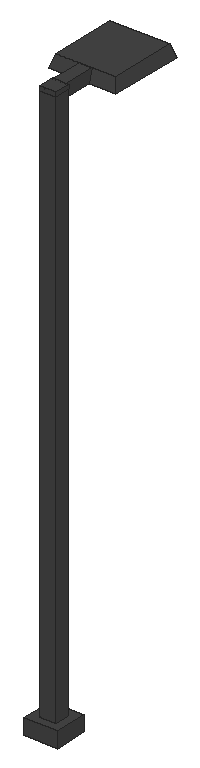
Revit family "RAR2", category Lighting Fixtures, Revit 2021
Family settings
  Round Connector Dimension = Use Diameter
  Part Type = Normal
  OmniClass Number = 23.80.70.14.21
  OmniClass Title = Street and Roadway Lighting
  Work Plane-Based = No
  Always vertical = Yes
  Cut with Voids When Loaded = No
  Light Source = Yes
  Shared = No
  Room Calculation Point = No
Parameters (values of type "RAR2")
  Width = 14.00"
  Wattage Comments = "20W"
  Wattage = 110 W
  built-in parameter 1150110 = 1 (stored number, unit not read)
  Voltage = 0 V
  URL = "https://www.currentlighting.com/exo"
  Type Comments = "Lighting Fixture"  # constant formula
  built-in parameter 1114217 = 1 (stored number, unit not read)
  Tilt Angle = 90.00°  # constant formula
  built-in parameter 1150109 = 1 (stored number, unit not read)
  built-in parameter 1150134 = (empty or 0)
  built-in parameter 1150113 = 1 (stored number, unit not read)
  Series = "Ratio"  # constant formula
  Product Page URL = ""
  Product Documentation Link = ""
  Power Factor = 1
  Pole Width = 4.00"
  Pole Height [instance] = 150.00"
  Pole = yes
  Photometric Web File = "RAR2-320L-110-3K7-2.ies"
  Photometric Notes = "More IES files download on Photometric Web Link"  # constant formula
  Offset From Pole = 6.12"
  Number of Poles = 1
  Model = "RAR2"
  Manufacturer = "EXO"  # constant formula
  Lumens = 16830 lm
  built-in parameter 1150115 = 1 (stored number, unit not read)
  built-in parameter 1150105 = 1339.3 (stored number, unit not read)
  Light source [instance] = Pole Height - 3.50"  # 146.50"
  built-in parameter 1150137 = (empty or 0)
  built-in parameter 1150139 = (empty or 0)
  Lens = Glass-Temper Molded
  built-in parameter 1150112 = 1 (stored number, unit not read)
  built-in parameter 1150114 = 1 (stored number, unit not read)
  Lamp = "default"
  built-in parameter 1150132 = (empty or 0)
  built-in parameter 1150102 = (empty or 0)
  built-in parameter 1150138 = (empty or 0)
  built-in parameter 1150107 = 3000 (stored number, unit not read)
  built-in parameter 1150106 = 13.393 (stored number, unit not read)
  Fixture Height = 7.50"
  Finish = Powder Coat-Black
  Emit from Rectangle Width = 11.00"
  built-in parameter 1150128 = 10.00"
  Emit Shape Visible in Rendering = no
  built-in parameter 1150104 = 14.214 (stored number, unit not read)
  Dimming Lamp Color Temperature Shift = <None>
  Description = "With a new spin on a classic rectilinear form, Ratio brings the traditional shoebox aesthetic into the next generation of LED lighting. Ratio features a dense optical array which provides reduced pixilation and increased visual comfort without compromising performance. Designed for sustained, long-term performance with advanced thermal management, an elegantly simple heat sink, and industry leading surge protection."  # constant formula
  Depth = 24.00"
  Default Elevation = 0.00"
  Color Temperature = 0 K
  Color Filter = 16777215
  Certifications = "UL,CSA,Wet Listed, Damp Listed, ANSI 3G Vibration Rated"
  Center Width = 3.00"
  built-in parameter 1114218 = 1 (stored number, unit not read)
  Emit from Rectangle Length = 120.00"
  Assembly Code = "D5020200"
  Apparent Load = 20 VA
Values of the unnamed type that differ from the named types
  Dimming Lamp Color Temperature Shift = (empty or 0)
Reference planes (in)
  plane 1 "Light Source Axis (F/B)": y = 0
  plane 2: z = 0
  plane 3 "Light Source Axis (L/R)": x = 1.5
  plane 4 "Light Source Elevation": z = 146.5
  plane 5 "Back": y = -15.34
Dimensions and locks (in)
  "Light source": plane 4 "Light Source Elevation" to plane 2
  aligned and locked: plane 4 "Light Source Elevation" to imposter light
  aligned and locked: nested 1 to plane 3 "Light Source Axis (L/R)"
  aligned and locked: nested 1 to plane 5 "Back"
  aligned and locked: imposter light to plane 3 "Light Source Axis (L/R)"
Nested families (in)
  nested 1: "Lighting_Pole" at (1.5, -17.34, 0) x (-1, 0, 0) z (0, 0, 1), visible <- "Pole", type "Lighting_Pole"
  nested 2: "RAR" at (1.30243, -15.34, 146.81398) x (-1, 0, 0) z (0, 1, 0), type "RAR"
    with Lens none, Finish Powder Coat-Black
Connectors (in)
  electrical at (1.5, -15.34, 18), driven by "Power Factor", driven by "Apparent Load", driven by "Apparent Load", driven by "Voltage", driven by "Number of Poles"
    settings: on nested 1, index 1, voltage 0 V, apparent load 20 VA, apparent load phase1 20 VA, apparent load phase2 0 VA, apparent load phase3 0 VA, power factor 1, load classification "Lighting", number of poles 1, system type 30, power factor state 1, is connector primary yes, connector utility no, sub classification motor no, connector description "Lighting Connector"
Definition of nested family "Lighting_Pole"
  Parameters
    Width = 5.00"
    URL = "http://www.kimlighting.com/"
    Type Comments = "Non-Tapered Pole"
    Model = "Square Pole"  # constant formula
    Manufacturer = "KIM Lighting"  # constant formula
    Height = 240.00"
    Finish = none
    Default Elevation = 0.00"
    Base Cover = if(Width = 5.00", 12.625", 8.625")  # 12.625"
  Reference planes (in)
    plane 1 "Center (Front/Back)": y = 0
    plane 2: z = 0
    plane 3 "Center (Left/Right)": x = 0
    plane 4 "Front": y = -2.5
    plane 5 "Left": x = -2.5
    plane 6 "Right": x = 2.5
    plane 7 "Back": y = 2.5
    plane 8 "Top": z = 240
    plane 9: x = -6.3125
    plane 10: x = 6.3125
    plane 11: y = 6.3125
    plane 12: y = -6.3125
    plane 13: z = 18
  Forms (in)
    Extrusion 1, solid, material <- "Finish"
      sketch origin (0, 0, 0) x (1, 0, 0) y (0, 1, 0)
        loop
          line (-2.5, -2.5) -> (2.5, -2.5) -> (2.5, 2.5) -> (-2.5, 2.5) -> (-2.5, -2.5)
      from 0 to 240
    Extrusion 2, solid, material <- "Finish", detail levels medium+fine
      sketch origin (0, 0, 0) x (1, 0, 0) y (0, 1, 0)
        loop
          line (-6.3125, -6.3125) -> (6.3125, -6.3125) -> (6.3125, 6.3125) -> (-6.3125, 6.3125) -> (-6.3125, -6.3125)
        loop
          line (-2.5, -2.5) -> (2.5, -2.5) -> (2.5, 2.5) -> (-2.5, 2.5) -> (-2.5, -2.5)
      from 0 to 4
    Extrusion 3, solid, material <- "Finish", detail levels fine
      sketch origin (0, 0, 0) x (1, 0, 0) y (0, 0, 1)
        loop
          line (-1.5, 15) -> (1.5, 15) -> (1.5, 21) -> (-1.5, 21) -> (-1.5, 15)
      from 2.5 to 2.5625
    Extrusion 4, solid, material <- "Finish", detail levels fine
      sketch origin (0, 0, 240) x (-1, 0, 0) y (0, -1, 0)
        loop
          line (2.5625, 2.5625) -> (-2.5625, 2.5625) -> (-2.5625, -2.5625) -> (2.5625, -2.5625) -> (2.5625, 2.5625)
      from 0.10394 to -0.89606
  Lines and regions (in)
    Masking region 1
      outline origin (0, 0, 0) x (1, 0, 0) y (0, 0, 1)
        loop
          line (-2.5, 0) -> (2.5, 0) -> (2.5, 240) -> (-2.5, 240) -> (-2.5, 0)
    Masking region 2, detail levels medium+fine
      outline origin (0, 0, 0) x (1, 0, 0) y (0, 0, 1)
        loop
          line (-6.3125, 0) -> (6.3125, 0) -> (6.3125, 4) -> (-6.3125, 4) -> (-6.3125, 0)
    Masking region 3, detail levels fine
      outline origin (0, 0, 0) x (1, 0, 0) y (0, 0, 1)
        loop
          line (-2.5625, 239.10394) -> (2.5625, 239.10394) -> (2.5625, 240.10394) -> (-2.5625, 240.10394) -> (-2.5625, 239.10394)
    Masking region 4
      outline origin (0, 0, 0) x (0, 1, 0) y (0, 0, 1)
        loop
          line (2.5, 0) -> (2.5, 240) -> (-2.5, 240) -> (-2.5, 0) -> (2.5, 0)
    Masking region 5, detail levels medium+fine
      outline origin (0, 0, 0) x (0, 1, 0) y (0, 0, 1)
        loop
          line (6.3125, 0) -> (6.3125, 4) -> (-6.3125, 4) -> (-6.3125, 0) -> (6.3125, 0)
    Masking region 6, detail levels fine
      outline origin (0, 0, 0) x (0, 1, 0) y (0, 0, 1)
        loop
          line (2.5625, 239.10394) -> (2.5625, 240.10394) -> (-2.5625, 240.10394) -> (-2.5625, 239.10394) -> (2.5625, 239.10394)
    Masking region 7, detail levels medium+fine
      outline origin (0, 0, 0) x (1, 0, 0) y (0, 1, 0)
        loop
          line (-6.3125, -6.3125) -> (6.3125, -6.3125) -> (6.3125, 6.3125) -> (-6.3125, 6.3125) -> (-6.3125, -6.3125)
        loop
          line (-2.5, -2.5) -> (2.5, -2.5) -> (2.5, 2.5) -> (-2.5, 2.5) -> (-2.5, -2.5)
    Masking region 8
      outline origin (0, 0, 0) x (1, 0, 0) y (0, 1, 0)
        loop
          line (-2.5, -2.5) -> (2.5, -2.5) -> (2.5, 2.5) -> (-2.5, 2.5) -> (-2.5, -2.5)
    symbolic lines, detail levels fine
      curve 1: line (-1.5, 0, 15) -> (1.5, 0, 15)
      curve 2: line (-1.5, 0, 21) -> (-1.5, 0, 15)
      curve 3: line (1.5, 0, 21) -> (-1.5, 0, 21)
      curve 4: line (1.5, 0, 15) -> (1.5, 0, 21)
  Dimensions and locks (in)
    equal spacing: plane 7 "Back", plane 1 "Center (Front/Back)", plane 4 "Front"
    equal spacing: plane 5 "Left", plane 3 "Center (Left/Right)", plane 6 "Right"
    "Width": plane 7 "Back" to plane 4 "Front"
    "Width": plane 5 "Left" to plane 6 "Right"
    plane 3 "Center (Left/Right)" to Extrusion 1 = 2.50"
    "Height": plane 8 "Top" to level
    equal spacing: plane 11, plane 1 "Center (Front/Back)", plane 12
    "Base Cover": plane 11 to plane 12
    equal spacing: plane 9, plane 3 "Center (Left/Right)", plane 10
    "Base Cover": plane 9 to plane 10
    locked: Extrusion 2 to level at 4
    locked: plane 13 to level at 18
    Extrusion 3 sketch curve to plane 13 to Extrusion 3 sketch curve = 3.00" locked, 3.00" locked
    Extrusion 3 sketch curve to plane 3 "Center (Left/Right)" to Extrusion 3 sketch curve = 1.50" locked, 1.50" locked
    locked: plane 4 "Front" to Extrusion 3 at 0.0625
    Extrusion 4 to plane 8 "Top" to Extrusion 4 = 0.10394" locked, 0.89606" locked
    aligned and locked: plane 5 "Left" to Extrusion 1 sketch curve
    aligned and locked: Extrusion 1 sketch curve to plane 4 "Front"
    aligned and locked: plane 7 "Back" to Extrusion 1 sketch curve
    aligned and locked: Extrusion 1 sketch curve to plane 6 "Right"
    aligned and locked: plane 8 "Top" to Extrusion 1
    aligned and locked: plane 9 to Extrusion 2 sketch curve
    aligned and locked: Extrusion 2 sketch curve to plane 12
    aligned and locked: plane 11 to Extrusion 2 sketch curve
    aligned and locked: Extrusion 2 sketch curve to plane 10
    aligned and locked: Extrusion 1 to Extrusion 2 sketch curve
    aligned and locked: Extrusion 2 sketch curve to Extrusion 1  (x3)
    aligned and locked: plane 4 "Front" to Extrusion 3
    aligned: plane 8 "Top" to Extrusion 4
    aligned and locked: Masking region 1 sketch curve to Extrusion 1  (x2)
    aligned and locked: plane 8 "Top" to Masking region 1 sketch curve
    aligned and locked: Masking region 1 sketch curve to plane 6 "Right"
    aligned and locked: Masking region 2 sketch curve to Extrusion 2  (x2)
    aligned and locked: Extrusion 2 to Masking region 2 sketch curve
    aligned and locked: Masking region 2 sketch curve to plane 10
    aligned and locked: Extrusion 3 to curve 1
    aligned and locked: curve 1 to Extrusion 3
    aligned and locked: curve 4 to Extrusion 3  (x2)
    aligned and locked: Masking region 3 sketch curve to Extrusion 4  (x3)
    aligned and locked: Extrusion 4 to Masking region 3 sketch curve
    aligned and locked: Masking region 4 sketch curve to Extrusion 1  (x3)
    aligned and locked: Extrusion 1 to Masking region 4 sketch curve
    aligned and locked: Masking region 5 sketch curve to Extrusion 2  (x3)
    aligned and locked: Extrusion 2 to Masking region 5 sketch curve
    aligned and locked: Masking region 6 sketch curve to Extrusion 4  (x3)
    aligned and locked: Extrusion 4 to Masking region 6 sketch curve
    aligned and locked: Extrusion 2 to Masking region 7 sketch curve
    aligned and locked: Masking region 7 sketch curve to Extrusion 2  (x3)
    aligned and locked: Extrusion 1 to Masking region 8 sketch curve
    aligned and locked: Masking region 8 sketch curve to Extrusion 1  (x3)
    aligned and locked: Extrusion 1 to Masking region 7 sketch curve
    aligned and locked: Masking region 7 sketch curve to Extrusion 1  (x3)
  Automatic sketch dimensions
    Extrusion 4 sketch curve to plane 6 "Right" = 0.0625"
    plane 5 "Left" to Extrusion 4 sketch curve = 0.0625"
    plane 7 "Back" to Extrusion 4 sketch curve = 0.0625"
    Extrusion 4 sketch curve to plane 4 "Front" = 0.0625"
Definition of nested family "RAR"
  Parameters
    URL = ""
    Product Page URL = ""
    Product Documentation Link = ""
    Manufacturer Phone = ""
    Manufacturer Fax = ""
    Manufacturer = ""
    Lens Finish = none
    Lens [instance] = none
    Length = 30.25"
    Finish [instance] = none
    Default Elevation = 48.00"
    C = 17.39"
  Reference planes (in)
    plane 1 "Center (Front/Back)": y = 0
    plane 2: z = 0
    plane 3 "Center (Left/Right)": x = 0
    plane 4: z = 27
    plane 5: z = 7.5
    plane 6: y = -3.375
    plane 7: x = -8.695
    plane 8: x = 8.695
    plane 9: y = 3
  Forms (in)
    Extrusion 1, solid, material <- "Finish"
      sketch origin (0, 0, 0) x (0, 1, 0) y (0, 0, 1)
        loop
          line (0, 7.5) -> (0, 0) -> (3.25, 0) -> (3.25, 8.5) -> (0, 7.5)
      from -1.5889 to 1.5889
    Blend 2, solid, material <- "Finish"
      base sketch origin (0, 0, 0) x (1, 0, 0) y (0, 0, 1)
        loop
          line (-8.695, 27) -> (-8.695, 7.5) -> (8.695, 7.5) -> (8.695, 27) -> (-8.695, 27)
      top sketch origin (0, 0, 0) x (1, 0, 0) y (0, 0, 1)
        loop
          line (-7.695, 26) -> (-7.695, 8.5) -> (7.695, 8.5) -> (7.695, 26) -> (-7.695, 26)
      from 0 to -3.25
    Extrusion 3, void
      sketch origin (0, 0, 0) x (1, 0, 0) y (0, 0, 1)
        loop
          line (-7.695, 26) -> (-7.695, 15.2215) -> (7.695, 15.2215) -> (7.695, 26) -> (-7.695, 26)
      from 0 to -1
    Extrusion 4, solid, material <- "Lens"
      sketch origin (0.375, 0, 0) x (1, 0, 0) y (0, 0, 1)
        loop
          line (-7.695, 26) -> (-7.695, 20.73575) -> (6.75, 20.73575) -> (6.75, 26) -> (-7.695, 26)
        loop
          line (-7.43915, 25.73809) -> (-7.43915, 25.48809) -> (-7.18915, 25.48809) -> (-7.18915, 25.73809) -> (-7.43915, 25.73809)
        loop
          line (-6.93915, 25.73809) -> (-6.93915, 25.48809) -> (-6.68915, 25.48809) -> (-6.68915, 25.73809) -> (-6.93915, 25.73809)
        loop
          line (-6.43915, 25.73809) -> (-6.43915, 25.48809) -> (-6.18915, 25.48809) -> (-6.18915, 25.73809) -> (-6.43915, 25.73809)
        loop
          line (-6.03259, 25.73809) -> (-6.03259, 25.48809) -> (-5.78259, 25.48809) -> (-5.78259, 25.73809) -> (-6.03259, 25.73809)
        loop
          line (-5.53259, 25.73809) -> (-5.53259, 25.48809) -> (-5.28259, 25.48809) -> (-5.28259, 25.73809) -> (-5.53259, 25.73809)
        loop
          line (-5.03259, 25.73809) -> (-5.03259, 25.48809) -> (-4.78259, 25.48809) -> (-4.78259, 25.73809) -> (-5.03259, 25.73809)
        loop
          line (-4.62603, 25.73809) -> (-4.62603, 25.48809) -> (-4.37603, 25.48809) -> (-4.37603, 25.73809) -> (-4.62603, 25.73809)
        loop
          line (-4.12603, 25.73809) -> (-4.12603, 25.48809) -> (-3.87603, 25.48809) -> (-3.87603, 25.73809) -> (-4.12603, 25.73809)
        loop
          line (-3.62603, 25.73809) -> (-3.62603, 25.48809) -> (-3.37603, 25.48809) -> (-3.37603, 25.73809) -> (-3.62603, 25.73809)
        loop
          line (-7.43915, 25.22618) -> (-7.43915, 24.97618) -> (-7.18915, 24.97618) -> (-7.18915, 25.22618) -> (-7.43915, 25.22618)
        loop
          line (-6.93915, 25.22618) -> (-6.93915, 24.97618) -> (-6.68915, 24.97618) -> (-6.68915, 25.22618) -> (-6.93915, 25.22618)
        loop
          line (-6.43915, 25.22618) -> (-6.43915, 24.97618) -> (-6.18915, 24.97618) -> (-6.18915, 25.22618) -> (-6.43915, 25.22618)
        loop
          line (-6.03259, 25.22618) -> (-6.03259, 24.97618) -> (-5.78259, 24.97618) -> (-5.78259, 25.22618) -> (-6.03259, 25.22618)
        loop
          line (-5.53259, 25.22618) -> (-5.53259, 24.97618) -> (-5.28259, 24.97618) -> (-5.28259, 25.22618) -> (-5.53259, 25.22618)
        loop
          line (-5.03259, 25.22618) -> (-5.03259, 24.97618) -> (-4.78259, 24.97618) -> (-4.78259, 25.22618) -> (-5.03259, 25.22618)
        loop
          line (-4.62603, 25.22618) -> (-4.62603, 24.97618) -> (-4.37603, 24.97618) -> (-4.37603, 25.22618) -> (-4.62603, 25.22618)
        loop
          line (-4.12603, 25.22618) -> (-4.12603, 24.97618) -> (-3.87603, 24.97618) -> (-3.87603, 25.22618) -> (-4.12603, 25.22618)
        loop
          line (-3.62603, 25.22618) -> (-3.62603, 24.97618) -> (-3.37603, 24.97618) -> (-3.37603, 25.22618) -> (-3.62603, 25.22618)
        loop
          line (-7.43915, 24.71427) -> (-7.43915, 24.46427) -> (-7.18915, 24.46427) -> (-7.18915, 24.71427) -> (-7.43915, 24.71427)
        loop
          line (-6.93915, 24.71427) -> (-6.93915, 24.46427) -> (-6.68915, 24.46427) -> (-6.68915, 24.71427) -> (-6.93915, 24.71427)
        loop
          line (-6.43915, 24.71427) -> (-6.43915, 24.46427) -> (-6.18915, 24.46427) -> (-6.18915, 24.71427) -> (-6.43915, 24.71427)
        loop
          line (-6.03259, 24.71427) -> (-6.03259, 24.46427) -> (-5.78259, 24.46427) -> (-5.78259, 24.71427) -> (-6.03259, 24.71427)
        loop
          line (-5.53259, 24.71427) -> (-5.53259, 24.46427) -> (-5.28259, 24.46427) -> (-5.28259, 24.71427) -> (-5.53259, 24.71427)
        loop
          line (-5.03259, 24.71427) -> (-5.03259, 24.46427) -> (-4.78259, 24.46427) -> (-4.78259, 24.71427) -> (-5.03259, 24.71427)
        loop
          line (-4.62603, 24.71427) -> (-4.62603, 24.46427) -> (-4.37603, 24.46427) -> (-4.37603, 24.71427) -> (-4.62603, 24.71427)
        loop
          line (-4.12603, 24.71427) -> (-4.12603, 24.46427) -> (-3.87603, 24.46427) -> (-3.87603, 24.71427) -> (-4.12603, 24.71427)
        loop
          line (-3.62603, 24.71427) -> (-3.62603, 24.46427) -> (-3.37603, 24.46427) -> (-3.37603, 24.71427) -> (-3.62603, 24.71427)
        loop
          line (-7.43915, 24.20236) -> (-7.43915, 23.95236) -> (-7.18915, 23.95236) -> (-7.18915, 24.20236) -> (-7.43915, 24.20236)
        loop
          line (-6.93915, 24.20236) -> (-6.93915, 23.95236) -> (-6.68915, 23.95236) -> (-6.68915, 24.20236) -> (-6.93915, 24.20236)
        loop
          line (-6.43915, 24.20236) -> (-6.43915, 23.95236) -> (-6.18915, 23.95236) -> (-6.18915, 24.20236) -> (-6.43915, 24.20236)
        loop
          line (-6.03259, 24.20236) -> (-6.03259, 23.95236) -> (-5.78259, 23.95236) -> (-5.78259, 24.20236) -> (-6.03259, 24.20236)
        loop
          line (-5.53259, 24.20236) -> (-5.53259, 23.95236) -> (-5.28259, 23.95236) -> (-5.28259, 24.20236) -> (-5.53259, 24.20236)
        loop
          line (-5.03259, 24.20236) -> (-5.03259, 23.95236) -> (-4.78259, 23.95236) -> (-4.78259, 24.20236) -> (-5.03259, 24.20236)
        loop
          line (-4.62603, 24.20236) -> (-4.62603, 23.95236) -> (-4.37603, 23.95236) -> (-4.37603, 24.20236) -> (-4.62603, 24.20236)
        loop
          line (-4.12603, 24.20236) -> (-4.12603, 23.95236) -> (-3.87603, 23.95236) -> (-3.87603, 24.20236) -> (-4.12603, 24.20236)
        loop
          line (-3.62603, 24.20236) -> (-3.62603, 23.95236) -> (-3.37603, 23.95236) -> (-3.37603, 24.20236) -> (-3.62603, 24.20236)
        loop
          line (-7.43915, 23.69045) -> (-7.43915, 23.44045) -> (-7.18915, 23.44045) -> (-7.18915, 23.69045) -> (-7.43915, 23.69045)
        loop
          line (-6.93915, 23.69045) -> (-6.93915, 23.44045) -> (-6.68915, 23.44045) -> (-6.68915, 23.69045) -> (-6.93915, 23.69045)
        loop
          line (-6.43915, 23.69045) -> (-6.43915, 23.44045) -> (-6.18915, 23.44045) -> (-6.18915, 23.69045) -> (-6.43915, 23.69045)
        loop
          line (-6.03259, 23.69045) -> (-6.03259, 23.44045) -> (-5.78259, 23.44045) -> (-5.78259, 23.69045) -> (-6.03259, 23.69045)
        loop
          line (-5.53259, 23.69045) -> (-5.53259, 23.44045) -> (-5.28259, 23.44045) -> (-5.28259, 23.69045) -> (-5.53259, 23.69045)
        loop
          line (-5.03259, 23.69045) -> (-5.03259, 23.44045) -> (-4.78259, 23.44045) -> (-4.78259, 23.69045) -> (-5.03259, 23.69045)
        loop
          line (-4.62603, 23.69045) -> (-4.62603, 23.44045) -> (-4.37603, 23.44045) -> (-4.37603, 23.69045) -> (-4.62603, 23.69045)
        loop
          line (-4.12603, 23.69045) -> (-4.12603, 23.44045) -> (-3.87603, 23.44045) -> (-3.87603, 23.69045) -> (-4.12603, 23.69045)
        loop
          line (-3.62603, 23.69045) -> (-3.62603, 23.44045) -> (-3.37603, 23.44045) -> (-3.37603, 23.69045) -> (-3.62603, 23.69045)
        loop
          line (-7.43915, 23.17854) -> (-7.43915, 22.92854) -> (-7.18915, 22.92854) -> (-7.18915, 23.17854) -> (-7.43915, 23.17854)
        loop
          line (-6.93915, 23.17854) -> (-6.93915, 22.92854) -> (-6.68915, 22.92854) -> (-6.68915, 23.17854) -> (-6.93915, 23.17854)
        loop
          line (-6.43915, 23.17854) -> (-6.43915, 22.92854) -> (-6.18915, 22.92854) -> (-6.18915, 23.17854) -> (-6.43915, 23.17854)
        loop
          line (-6.03259, 23.17854) -> (-6.03259, 22.92854) -> (-5.78259, 22.92854) -> (-5.78259, 23.17854) -> (-6.03259, 23.17854)
        loop
          line (-5.53259, 23.17854) -> (-5.53259, 22.92854) -> (-5.28259, 22.92854) -> (-5.28259, 23.17854) -> (-5.53259, 23.17854)
        loop
          line (-5.03259, 23.17854) -> (-5.03259, 22.92854) -> (-4.78259, 22.92854) -> (-4.78259, 23.17854) -> (-5.03259, 23.17854)
        loop
          line (-4.62603, 23.17854) -> (-4.62603, 22.92854) -> (-4.37603, 22.92854) -> (-4.37603, 23.17854) -> (-4.62603, 23.17854)
        loop
          line (-4.12603, 23.17854) -> (-4.12603, 22.92854) -> (-3.87603, 22.92854) -> (-3.87603, 23.17854) -> (-4.12603, 23.17854)
        loop
          line (-3.62603, 23.17854) -> (-3.62603, 22.92854) -> (-3.37603, 22.92854) -> (-3.37603, 23.17854) -> (-3.62603, 23.17854)
        loop
          line (-7.43915, 22.66663) -> (-7.43915, 22.41663) -> (-7.18915, 22.41663) -> (-7.18915, 22.66663) -> (-7.43915, 22.66663)
        loop
          line (-6.93915, 22.66663) -> (-6.93915, 22.41663) -> (-6.68915, 22.41663) -> (-6.68915, 22.66663) -> (-6.93915, 22.66663)
        loop
          line (-6.43915, 22.66663) -> (-6.43915, 22.41663) -> (-6.18915, 22.41663) -> (-6.18915, 22.66663) -> (-6.43915, 22.66663)
        loop
          line (-6.03259, 22.66663) -> (-6.03259, 22.41663) -> (-5.78259, 22.41663) -> (-5.78259, 22.66663) -> (-6.03259, 22.66663)
        loop
          line (-5.53259, 22.66663) -> (-5.53259, 22.41663) -> (-5.28259, 22.41663) -> (-5.28259, 22.66663) -> (-5.53259, 22.66663)
        loop
          line (-5.03259, 22.66663) -> (-5.03259, 22.41663) -> (-4.78259, 22.41663) -> (-4.78259, 22.66663) -> (-5.03259, 22.66663)
        loop
          line (-4.62603, 22.66663) -> (-4.62603, 22.41663) -> (-4.37603, 22.41663) -> (-4.37603, 22.66663) -> (-4.62603, 22.66663)
        loop
          line (-4.12603, 22.66663) -> (-4.12603, 22.41663) -> (-3.87603, 22.41663) -> (-3.87603, 22.66663) -> (-4.12603, 22.66663)
        loop
          line (-3.62603, 22.66663) -> (-3.62603, 22.41663) -> (-3.37603, 22.41663) -> (-3.37603, 22.66663) -> (-3.62603, 22.66663)
        loop
          line (-7.43915, 22.15472) -> (-7.43915, 21.90472) -> (-7.18915, 21.90472) -> (-7.18915, 22.15472) -> (-7.43915, 22.15472)
        loop
          line (-6.93915, 22.15472) -> (-6.93915, 21.90472) -> (-6.68915, 21.90472) -> (-6.68915, 22.15472) -> (-6.93915, 22.15472)
        loop
          line (-6.43915, 22.15472) -> (-6.43915, 21.90472) -> (-6.18915, 21.90472) -> (-6.18915, 22.15472) -> (-6.43915, 22.15472)
        loop
          line (-6.03259, 22.15472) -> (-6.03259, 21.90472) -> (-5.78259, 21.90472) -> (-5.78259, 22.15472) -> (-6.03259, 22.15472)
        loop
          line (-5.53259, 22.15472) -> (-5.53259, 21.90472) -> (-5.28259, 21.90472) -> (-5.28259, 22.15472) -> (-5.53259, 22.15472)
        loop
          line (-5.03259, 22.15472) -> (-5.03259, 21.90472) -> (-4.78259, 21.90472) -> (-4.78259, 22.15472) -> (-5.03259, 22.15472)
        loop
          line (-4.62603, 22.15472) -> (-4.62603, 21.90472) -> (-4.37603, 21.90472) -> (-4.37603, 22.15472) -> (-4.62603, 22.15472)
        loop
          line (-4.12603, 22.15472) -> (-4.12603, 21.90472) -> (-3.87603, 21.90472) -> (-3.87603, 22.15472) -> (-4.12603, 22.15472)
        loop
          line (-3.62603, 22.15472) -> (-3.62603, 21.90472) -> (-3.37603, 21.90472) -> (-3.37603, 22.15472) -> (-3.62603, 22.15472)
        loop
          line (-7.43915, 21.64282) -> (-7.43915, 21.39282) -> (-7.18915, 21.39282) -> (-7.18915, 21.64282) -> (-7.43915, 21.64282)
        loop
          line (-6.93915, 21.64282) -> (-6.93915, 21.39282) -> (-6.68915, 21.39282) -> (-6.68915, 21.64282) -> (-6.93915, 21.64282)
        loop
          line (-6.43915, 21.64282) -> (-6.43915, 21.39282) -> (-6.18915, 21.39282) -> (-6.18915, 21.64282) -> (-6.43915, 21.64282)
        loop
          line (-6.03259, 21.64282) -> (-6.03259, 21.39282) -> (-5.78259, 21.39282) -> (-5.78259, 21.64282) -> (-6.03259, 21.64282)
        loop
          line (-5.53259, 21.64282) -> (-5.53259, 21.39282) -> (-5.28259, 21.39282) -> (-5.28259, 21.64282) -> (-5.53259, 21.64282)
        loop
          line (-5.03259, 21.64282) -> (-5.03259, 21.39282) -> (-4.78259, 21.39282) -> (-4.78259, 21.64282) -> (-5.03259, 21.64282)
        loop
          line (-4.62603, 21.64282) -> (-4.62603, 21.39282) -> (-4.37603, 21.39282) -> (-4.37603, 21.64282) -> (-4.62603, 21.64282)
        loop
          line (-4.12603, 21.64282) -> (-4.12603, 21.39282) -> (-3.87603, 21.39282) -> (-3.87603, 21.64282) -> (-4.12603, 21.64282)
        loop
          line (-3.62603, 21.64282) -> (-3.62603, 21.39282) -> (-3.37603, 21.39282) -> (-3.37603, 21.64282) -> (-3.62603, 21.64282)
        loop
          line (-7.43915, 21.13091) -> (-7.43915, 20.88091) -> (-7.18915, 20.88091) -> (-7.18915, 21.13091) -> (-7.43915, 21.13091)
        loop
          line (-6.93915, 21.13091) -> (-6.93915, 20.88091) -> (-6.68915, 20.88091) -> (-6.68915, 21.13091) -> (-6.93915, 21.13091)
        loop
          line (-6.43915, 21.13091) -> (-6.43915, 20.88091) -> (-6.18915, 20.88091) -> (-6.18915, 21.13091) -> (-6.43915, 21.13091)
        loop
          line (-6.03259, 21.13091) -> (-6.03259, 20.88091) -> (-5.78259, 20.88091) -> (-5.78259, 21.13091) -> (-6.03259, 21.13091)
        loop
          line (-5.53259, 21.13091) -> (-5.53259, 20.88091) -> (-5.28259, 20.88091) -> (-5.28259, 21.13091) -> (-5.53259, 21.13091)
        loop
          line (-5.03259, 21.13091) -> (-5.03259, 20.88091) -> (-4.78259, 20.88091) -> (-4.78259, 21.13091) -> (-5.03259, 21.13091)
        loop
          line (-4.62603, 21.13091) -> (-4.62603, 20.88091) -> (-4.37603, 20.88091) -> (-4.37603, 21.13091) -> (-4.62603, 21.13091)
        loop
          line (-4.12603, 21.13091) -> (-4.12603, 20.88091) -> (-3.87603, 20.88091) -> (-3.87603, 21.13091) -> (-4.12603, 21.13091)
        loop
          line (-3.62603, 21.13091) -> (-3.62603, 20.88091) -> (-3.37603, 20.88091) -> (-3.37603, 21.13091) -> (-3.62603, 21.13091)
        loop
          line (-2.61915, 25.73809) -> (-2.61915, 25.48809) -> (-2.36915, 25.48809) -> (-2.36915, 25.73809) -> (-2.61915, 25.73809)
        loop
          line (-2.11915, 25.73809) -> (-2.11915, 25.48809) -> (-1.86915, 25.48809) -> (-1.86915, 25.73809) -> (-2.11915, 25.73809)
        loop
          line (-1.61915, 25.73809) -> (-1.61915, 25.48809) -> (-1.36915, 25.48809) -> (-1.36915, 25.73809) -> (-1.61915, 25.73809)
        loop
          line (-1.21259, 25.73809) -> (-1.21259, 25.48809) -> (-0.96259, 25.48809) -> (-0.96259, 25.73809) -> (-1.21259, 25.73809)
        loop
          line (-0.71259, 25.73809) -> (-0.71259, 25.48809) -> (-0.46259, 25.48809) -> (-0.46259, 25.73809) -> (-0.71259, 25.73809)
        loop
          line (-0.21259, 25.73809) -> (-0.21259, 25.48809) -> (0.03741, 25.48809) -> (0.03741, 25.73809) -> (-0.21259, 25.73809)
        loop
          line (0.19397, 25.73809) -> (0.19397, 25.48809) -> (0.44397, 25.48809) -> (0.44397, 25.73809) -> (0.19397, 25.73809)
        loop
          line (0.69397, 25.73809) -> (0.69397, 25.48809) -> (0.94397, 25.48809) -> (0.94397, 25.73809) -> (0.69397, 25.73809)
        loop
          line (1.19397, 25.73809) -> (1.19397, 25.48809) -> (1.44397, 25.48809) -> (1.44397, 25.73809) -> (1.19397, 25.73809)
        loop
          line (-2.61915, 25.22618) -> (-2.61915, 24.97618) -> (-2.36915, 24.97618) -> (-2.36915, 25.22618) -> (-2.61915, 25.22618)
        loop
          line (-2.11915, 25.22618) -> (-2.11915, 24.97618) -> (-1.86915, 24.97618) -> (-1.86915, 25.22618) -> (-2.11915, 25.22618)
        loop
          line (-1.61915, 25.22618) -> (-1.61915, 24.97618) -> (-1.36915, 24.97618) -> (-1.36915, 25.22618) -> (-1.61915, 25.22618)
        loop
          line (-1.21259, 25.22618) -> (-1.21259, 24.97618) -> (-0.96259, 24.97618) -> (-0.96259, 25.22618) -> (-1.21259, 25.22618)
        loop
          line (-0.71259, 25.22618) -> (-0.71259, 24.97618) -> (-0.46259, 24.97618) -> (-0.46259, 25.22618) -> (-0.71259, 25.22618)
        loop
          line (-0.21259, 25.22618) -> (-0.21259, 24.97618) -> (0.03741, 24.97618) -> (0.03741, 25.22618) -> (-0.21259, 25.22618)
        loop
          line (0.19397, 25.22618) -> (0.19397, 24.97618) -> (0.44397, 24.97618) -> (0.44397, 25.22618) -> (0.19397, 25.22618)
        loop
          line (0.69397, 25.22618) -> (0.69397, 24.97618) -> (0.94397, 24.97618) -> (0.94397, 25.22618) -> (0.69397, 25.22618)
        loop
          line (1.19397, 25.22618) -> (1.19397, 24.97618) -> (1.44397, 24.97618) -> (1.44397, 25.22618) -> (1.19397, 25.22618)
        loop
          line (-2.61915, 24.71427) -> (-2.61915, 24.46427) -> (-2.36915, 24.46427) -> (-2.36915, 24.71427) -> (-2.61915, 24.71427)
        loop
          line (-2.11915, 24.71427) -> (-2.11915, 24.46427) -> (-1.86915, 24.46427) -> (-1.86915, 24.71427) -> (-2.11915, 24.71427)
        loop
          line (-1.61915, 24.71427) -> (-1.61915, 24.46427) -> (-1.36915, 24.46427) -> (-1.36915, 24.71427) -> (-1.61915, 24.71427)
        loop
          line (-1.21259, 24.71427) -> (-1.21259, 24.46427) -> (-0.96259, 24.46427) -> (-0.96259, 24.71427) -> (-1.21259, 24.71427)
        loop
          line (-0.71259, 24.71427) -> (-0.71259, 24.46427) -> (-0.46259, 24.46427) -> (-0.46259, 24.71427) -> (-0.71259, 24.71427)
        loop
          line (-0.21259, 24.71427) -> (-0.21259, 24.46427) -> (0.03741, 24.46427) -> (0.03741, 24.71427) -> (-0.21259, 24.71427)
        loop
          line (0.19397, 24.71427) -> (0.19397, 24.46427) -> (0.44397, 24.46427) -> (0.44397, 24.71427) -> (0.19397, 24.71427)
        loop
          line (0.69397, 24.71427) -> (0.69397, 24.46427) -> (0.94397, 24.46427) -> (0.94397, 24.71427) -> (0.69397, 24.71427)
        loop
          line (1.19397, 24.71427) -> (1.19397, 24.46427) -> (1.44397, 24.46427) -> (1.44397, 24.71427) -> (1.19397, 24.71427)
        loop
          line (-2.61915, 24.20236) -> (-2.61915, 23.95236) -> (-2.36915, 23.95236) -> (-2.36915, 24.20236) -> (-2.61915, 24.20236)
        loop
          line (-2.11915, 24.20236) -> (-2.11915, 23.95236) -> (-1.86915, 23.95236) -> (-1.86915, 24.20236) -> (-2.11915, 24.20236)
        loop
          line (-1.61915, 24.20236) -> (-1.61915, 23.95236) -> (-1.36915, 23.95236) -> (-1.36915, 24.20236) -> (-1.61915, 24.20236)
        loop
          line (-1.21259, 24.20236) -> (-1.21259, 23.95236) -> (-0.96259, 23.95236) -> (-0.96259, 24.20236) -> (-1.21259, 24.20236)
        loop
          line (-0.71259, 24.20236) -> (-0.71259, 23.95236) -> (-0.46259, 23.95236) -> (-0.46259, 24.20236) -> (-0.71259, 24.20236)
        loop
          line (-0.21259, 24.20236) -> (-0.21259, 23.95236) -> (0.03741, 23.95236) -> (0.03741, 24.20236) -> (-0.21259, 24.20236)
        loop
          line (0.19397, 24.20236) -> (0.19397, 23.95236) -> (0.44397, 23.95236) -> (0.44397, 24.20236) -> (0.19397, 24.20236)
        loop
          line (0.69397, 24.20236) -> (0.69397, 23.95236) -> (0.94397, 23.95236) -> (0.94397, 24.20236) -> (0.69397, 24.20236)
        loop
          line (1.19397, 24.20236) -> (1.19397, 23.95236) -> (1.44397, 23.95236) -> (1.44397, 24.20236) -> (1.19397, 24.20236)
        loop
          line (-2.61915, 23.69045) -> (-2.61915, 23.44045) -> (-2.36915, 23.44045) -> (-2.36915, 23.69045) -> (-2.61915, 23.69045)
        loop
          line (-2.11915, 23.69045) -> (-2.11915, 23.44045) -> (-1.86915, 23.44045) -> (-1.86915, 23.69045) -> (-2.11915, 23.69045)
        loop
          line (-1.61915, 23.69045) -> (-1.61915, 23.44045) -> (-1.36915, 23.44045) -> (-1.36915, 23.69045) -> (-1.61915, 23.69045)
        loop
          line (-1.21259, 23.69045) -> (-1.21259, 23.44045) -> (-0.96259, 23.44045) -> (-0.96259, 23.69045) -> (-1.21259, 23.69045)
        loop
          line (-0.71259, 23.69045) -> (-0.71259, 23.44045) -> (-0.46259, 23.44045) -> (-0.46259, 23.69045) -> (-0.71259, 23.69045)
        loop
          line (-0.21259, 23.69045) -> (-0.21259, 23.44045) -> (0.03741, 23.44045) -> (0.03741, 23.69045) -> (-0.21259, 23.69045)
        loop
          line (0.19397, 23.69045) -> (0.19397, 23.44045) -> (0.44397, 23.44045) -> (0.44397, 23.69045) -> (0.19397, 23.69045)
        loop
          line (0.69397, 23.69045) -> (0.69397, 23.44045) -> (0.94397, 23.44045) -> (0.94397, 23.69045) -> (0.69397, 23.69045)
        loop
          line (1.19397, 23.69045) -> (1.19397, 23.44045) -> (1.44397, 23.44045) -> (1.44397, 23.69045) -> (1.19397, 23.69045)
        loop
          line (-2.61915, 23.17854) -> (-2.61915, 22.92854) -> (-2.36915, 22.92854) -> (-2.36915, 23.17854) -> (-2.61915, 23.17854)
        loop
          line (-2.11915, 23.17854) -> (-2.11915, 22.92854) -> (-1.86915, 22.92854) -> (-1.86915, 23.17854) -> (-2.11915, 23.17854)
        loop
          line (-1.61915, 23.17854) -> (-1.61915, 22.92854) -> (-1.36915, 22.92854) -> (-1.36915, 23.17854) -> (-1.61915, 23.17854)
        loop
          line (-1.21259, 23.17854) -> (-1.21259, 22.92854) -> (-0.96259, 22.92854) -> (-0.96259, 23.17854) -> (-1.21259, 23.17854)
        loop
          line (-0.71259, 23.17854) -> (-0.71259, 22.92854) -> (-0.46259, 22.92854) -> (-0.46259, 23.17854) -> (-0.71259, 23.17854)
        loop
          line (-0.21259, 23.17854) -> (-0.21259, 22.92854) -> (0.03741, 22.92854) -> (0.03741, 23.17854) -> (-0.21259, 23.17854)
        loop
          line (0.19397, 23.17854) -> (0.19397, 22.92854) -> (0.44397, 22.92854) -> (0.44397, 23.17854) -> (0.19397, 23.17854)
        loop
          line (0.69397, 23.17854) -> (0.69397, 22.92854) -> (0.94397, 22.92854) -> (0.94397, 23.17854) -> (0.69397, 23.17854)
        loop
          line (1.19397, 23.17854) -> (1.19397, 22.92854) -> (1.44397, 22.92854) -> (1.44397, 23.17854) -> (1.19397, 23.17854)
        loop
          line (-2.61915, 22.66663) -> (-2.61915, 22.41663) -> (-2.36915, 22.41663) -> (-2.36915, 22.66663) -> (-2.61915, 22.66663)
        loop
          line (-2.11915, 22.66663) -> (-2.11915, 22.41663) -> (-1.86915, 22.41663) -> (-1.86915, 22.66663) -> (-2.11915, 22.66663)
        loop
          line (-1.61915, 22.66663) -> (-1.61915, 22.41663) -> (-1.36915, 22.41663) -> (-1.36915, 22.66663) -> (-1.61915, 22.66663)
        loop
          line (-1.21259, 22.66663) -> (-1.21259, 22.41663) -> (-0.96259, 22.41663) -> (-0.96259, 22.66663) -> (-1.21259, 22.66663)
        loop
          line (-0.71259, 22.66663) -> (-0.71259, 22.41663) -> (-0.46259, 22.41663) -> (-0.46259, 22.66663) -> (-0.71259, 22.66663)
        loop
          line (-0.21259, 22.66663) -> (-0.21259, 22.41663) -> (0.03741, 22.41663) -> (0.03741, 22.66663) -> (-0.21259, 22.66663)
        loop
          line (0.19397, 22.66663) -> (0.19397, 22.41663) -> (0.44397, 22.41663) -> (0.44397, 22.66663) -> (0.19397, 22.66663)
        loop
          line (0.69397, 22.66663) -> (0.69397, 22.41663) -> (0.94397, 22.41663) -> (0.94397, 22.66663) -> (0.69397, 22.66663)
        loop
          line (1.19397, 22.66663) -> (1.19397, 22.41663) -> (1.44397, 22.41663) -> (1.44397, 22.66663) -> (1.19397, 22.66663)
        loop
          line (-2.61915, 22.15472) -> (-2.61915, 21.90472) -> (-2.36915, 21.90472) -> (-2.36915, 22.15472) -> (-2.61915, 22.15472)
        loop
          line (-2.11915, 22.15472) -> (-2.11915, 21.90472) -> (-1.86915, 21.90472) -> (-1.86915, 22.15472) -> (-2.11915, 22.15472)
        loop
          line (-1.61915, 22.15472) -> (-1.61915, 21.90472) -> (-1.36915, 21.90472) -> (-1.36915, 22.15472) -> (-1.61915, 22.15472)
        loop
          line (-1.21259, 22.15472) -> (-1.21259, 21.90472) -> (-0.96259, 21.90472) -> (-0.96259, 22.15472) -> (-1.21259, 22.15472)
        loop
          line (-0.71259, 22.15472) -> (-0.71259, 21.90472) -> (-0.46259, 21.90472) -> (-0.46259, 22.15472) -> (-0.71259, 22.15472)
        loop
          line (-0.21259, 22.15472) -> (-0.21259, 21.90472) -> (0.03741, 21.90472) -> (0.03741, 22.15472) -> (-0.21259, 22.15472)
        loop
          line (0.19397, 22.15472) -> (0.19397, 21.90472) -> (0.44397, 21.90472) -> (0.44397, 22.15472) -> (0.19397, 22.15472)
        loop
          line (0.69397, 22.15472) -> (0.69397, 21.90472) -> (0.94397, 21.90472) -> (0.94397, 22.15472) -> (0.69397, 22.15472)
        loop
          line (1.19397, 22.15472) -> (1.19397, 21.90472) -> (1.44397, 21.90472) -> (1.44397, 22.15472) -> (1.19397, 22.15472)
        loop
          line (-2.61915, 21.64282) -> (-2.61915, 21.39282) -> (-2.36915, 21.39282) -> (-2.36915, 21.64282) -> (-2.61915, 21.64282)
        loop
          line (-2.11915, 21.64282) -> (-2.11915, 21.39282) -> (-1.86915, 21.39282) -> (-1.86915, 21.64282) -> (-2.11915, 21.64282)
        loop
          line (-1.61915, 21.64282) -> (-1.61915, 21.39282) -> (-1.36915, 21.39282) -> (-1.36915, 21.64282) -> (-1.61915, 21.64282)
        loop
          line (-1.21259, 21.64282) -> (-1.21259, 21.39282) -> (-0.96259, 21.39282) -> (-0.96259, 21.64282) -> (-1.21259, 21.64282)
        loop
          line (-0.71259, 21.64282) -> (-0.71259, 21.39282) -> (-0.46259, 21.39282) -> (-0.46259, 21.64282) -> (-0.71259, 21.64282)
        loop
          line (-0.21259, 21.64282) -> (-0.21259, 21.39282) -> (0.03741, 21.39282) -> (0.03741, 21.64282) -> (-0.21259, 21.64282)
        loop
          line (0.19397, 21.64282) -> (0.19397, 21.39282) -> (0.44397, 21.39282) -> (0.44397, 21.64282) -> (0.19397, 21.64282)
        loop
          line (0.69397, 21.64282) -> (0.69397, 21.39282) -> (0.94397, 21.39282) -> (0.94397, 21.64282) -> (0.69397, 21.64282)
        loop
          line (1.19397, 21.64282) -> (1.19397, 21.39282) -> (1.44397, 21.39282) -> (1.44397, 21.64282) -> (1.19397, 21.64282)
        loop
          line (-2.61915, 21.13091) -> (-2.61915, 20.88091) -> (-2.36915, 20.88091) -> (-2.36915, 21.13091) -> (-2.61915, 21.13091)
        loop
          line (-2.11915, 21.13091) -> (-2.11915, 20.88091) -> (-1.86915, 20.88091) -> (-1.86915, 21.13091) -> (-2.11915, 21.13091)
        loop
          line (-1.61915, 21.13091) -> (-1.61915, 20.88091) -> (-1.36915, 20.88091) -> (-1.36915, 21.13091) -> (-1.61915, 21.13091)
        loop
          line (-1.21259, 21.13091) -> (-1.21259, 20.88091) -> (-0.96259, 20.88091) -> (-0.96259, 21.13091) -> (-1.21259, 21.13091)
        loop
          line (-0.71259, 21.13091) -> (-0.71259, 20.88091) -> (-0.46259, 20.88091) -> (-0.46259, 21.13091) -> (-0.71259, 21.13091)
        loop
          line (-0.21259, 21.13091) -> (-0.21259, 20.88091) -> (0.03741, 20.88091) -> (0.03741, 21.13091) -> (-0.21259, 21.13091)
        loop
          line (0.19397, 21.13091) -> (0.19397, 20.88091) -> (0.44397, 20.88091) -> (0.44397, 21.13091) -> (0.19397, 21.13091)
        loop
          line (0.69397, 21.13091) -> (0.69397, 20.88091) -> (0.94397, 20.88091) -> (0.94397, 21.13091) -> (0.69397, 21.13091)
        loop
          line (1.19397, 21.13091) -> (1.19397, 20.88091) -> (1.44397, 20.88091) -> (1.44397, 21.13091) -> (1.19397, 21.13091)
        loop
          line (2.20085, 25.73809) -> (2.20085, 25.48809) -> (2.45085, 25.48809) -> (2.45085, 25.73809) -> (2.20085, 25.73809)
        loop
          line (2.70085, 25.73809) -> (2.70085, 25.48809) -> (2.95085, 25.48809) -> (2.95085, 25.73809) -> (2.70085, 25.73809)
        loop
          line (3.20085, 25.73809) -> (3.20085, 25.48809) -> (3.45085, 25.48809) -> (3.45085, 25.73809) -> (3.20085, 25.73809)
        loop
          line (3.60741, 25.73809) -> (3.60741, 25.48809) -> (3.85741, 25.48809) -> (3.85741, 25.73809) -> (3.60741, 25.73809)
        loop
          line (4.10741, 25.73809) -> (4.10741, 25.48809) -> (4.35741, 25.48809) -> (4.35741, 25.73809) -> (4.10741, 25.73809)
        loop
          line (4.60741, 25.73809) -> (4.60741, 25.48809) -> (4.85741, 25.48809) -> (4.85741, 25.73809) -> (4.60741, 25.73809)
        loop
          line (5.01397, 25.73809) -> (5.01397, 25.48809) -> (5.26397, 25.48809) -> (5.26397, 25.73809) -> (5.01397, 25.73809)
        loop
          line (5.51397, 25.73809) -> (5.51397, 25.48809) -> (5.76397, 25.48809) -> (5.76397, 25.73809) -> (5.51397, 25.73809)
        loop
          line (6.01397, 25.73809) -> (6.01397, 25.48809) -> (6.26397, 25.48809) -> (6.26397, 25.73809) -> (6.01397, 25.73809)
        loop
          line (2.20085, 25.22618) -> (2.20085, 24.97618) -> (2.45085, 24.97618) -> (2.45085, 25.22618) -> (2.20085, 25.22618)
        loop
          line (2.70085, 25.22618) -> (2.70085, 24.97618) -> (2.95085, 24.97618) -> (2.95085, 25.22618) -> (2.70085, 25.22618)
        loop
          line (3.20085, 25.22618) -> (3.20085, 24.97618) -> (3.45085, 24.97618) -> (3.45085, 25.22618) -> (3.20085, 25.22618)
        loop
          line (3.60741, 25.22618) -> (3.60741, 24.97618) -> (3.85741, 24.97618) -> (3.85741, 25.22618) -> (3.60741, 25.22618)
        loop
          line (4.10741, 25.22618) -> (4.10741, 24.97618) -> (4.35741, 24.97618) -> (4.35741, 25.22618) -> (4.10741, 25.22618)
        loop
          line (4.60741, 25.22618) -> (4.60741, 24.97618) -> (4.85741, 24.97618) -> (4.85741, 25.22618) -> (4.60741, 25.22618)
        loop
          line (5.01397, 25.22618) -> (5.01397, 24.97618) -> (5.26397, 24.97618) -> (5.26397, 25.22618) -> (5.01397, 25.22618)
        loop
          line (5.51397, 25.22618) -> (5.51397, 24.97618) -> (5.76397, 24.97618) -> (5.76397, 25.22618) -> (5.51397, 25.22618)
        loop
          line (6.01397, 25.22618) -> (6.01397, 24.97618) -> (6.26397, 24.97618) -> (6.26397, 25.22618) -> (6.01397, 25.22618)
        loop
          line (2.20085, 24.71427) -> (2.20085, 24.46427) -> (2.45085, 24.46427) -> (2.45085, 24.71427) -> (2.20085, 24.71427)
        loop
          line (2.70085, 24.71427) -> (2.70085, 24.46427) -> (2.95085, 24.46427) -> (2.95085, 24.71427) -> (2.70085, 24.71427)
        loop
          line (3.20085, 24.71427) -> (3.20085, 24.46427) -> (3.45085, 24.46427) -> (3.45085, 24.71427) -> (3.20085, 24.71427)
        loop
          line (3.60741, 24.71427) -> (3.60741, 24.46427) -> (3.85741, 24.46427) -> (3.85741, 24.71427) -> (3.60741, 24.71427)
        loop
          line (4.10741, 24.71427) -> (4.10741, 24.46427) -> (4.35741, 24.46427) -> (4.35741, 24.71427) -> (4.10741, 24.71427)
        loop
          line (4.60741, 24.71427) -> (4.60741, 24.46427) -> (4.85741, 24.46427) -> (4.85741, 24.71427) -> (4.60741, 24.71427)
        loop
          line (5.01397, 24.71427) -> (5.01397, 24.46427) -> (5.26397, 24.46427) -> (5.26397, 24.71427) -> (5.01397, 24.71427)
        loop
          line (5.51397, 24.71427) -> (5.51397, 24.46427) -> (5.76397, 24.46427) -> (5.76397, 24.71427) -> (5.51397, 24.71427)
        loop
          line (6.01397, 24.71427) -> (6.01397, 24.46427) -> (6.26397, 24.46427) -> (6.26397, 24.71427) -> (6.01397, 24.71427)
        loop
          line (2.20085, 24.20236) -> (2.20085, 23.95236) -> (2.45085, 23.95236) -> (2.45085, 24.20236) -> (2.20085, 24.20236)
        loop
          line (2.70085, 24.20236) -> (2.70085, 23.95236) -> (2.95085, 23.95236) -> (2.95085, 24.20236) -> (2.70085, 24.20236)
        loop
          line (3.20085, 24.20236) -> (3.20085, 23.95236) -> (3.45085, 23.95236) -> (3.45085, 24.20236) -> (3.20085, 24.20236)
        loop
          line (3.60741, 24.20236) -> (3.60741, 23.95236) -> (3.85741, 23.95236) -> (3.85741, 24.20236) -> (3.60741, 24.20236)
        loop
          line (4.10741, 24.20236) -> (4.10741, 23.95236) -> (4.35741, 23.95236) -> (4.35741, 24.20236) -> (4.10741, 24.20236)
        loop
          line (4.60741, 24.20236) -> (4.60741, 23.95236) -> (4.85741, 23.95236) -> (4.85741, 24.20236) -> (4.60741, 24.20236)
        loop
          line (5.01397, 24.20236) -> (5.01397, 23.95236) -> (5.26397, 23.95236) -> (5.26397, 24.20236) -> (5.01397, 24.20236)
        loop
          line (5.51397, 24.20236) -> (5.51397, 23.95236) -> (5.76397, 23.95236) -> (5.76397, 24.20236) -> (5.51397, 24.20236)
        loop
          line (6.01397, 24.20236) -> (6.01397, 23.95236) -> (6.26397, 23.95236) -> (6.26397, 24.20236) -> (6.01397, 24.20236)
        loop
          line (2.20085, 23.69045) -> (2.20085, 23.44045) -> (2.45085, 23.44045) -> (2.45085, 23.69045) -> (2.20085, 23.69045)
        loop
          line (2.70085, 23.69045) -> (2.70085, 23.44045) -> (2.95085, 23.44045) -> (2.95085, 23.69045) -> (2.70085, 23.69045)
        loop
          line (3.20085, 23.69045) -> (3.20085, 23.44045) -> (3.45085, 23.44045) -> (3.45085, 23.69045) -> (3.20085, 23.69045)
        loop
          line (3.60741, 23.69045) -> (3.60741, 23.44045) -> (3.85741, 23.44045) -> (3.85741, 23.69045) -> (3.60741, 23.69045)
        loop
          line (4.10741, 23.69045) -> (4.10741, 23.44045) -> (4.35741, 23.44045) -> (4.35741, 23.69045) -> (4.10741, 23.69045)
        loop
          line (4.60741, 23.69045) -> (4.60741, 23.44045) -> (4.85741, 23.44045) -> (4.85741, 23.69045) -> (4.60741, 23.69045)
        loop
          line (5.01397, 23.69045) -> (5.01397, 23.44045) -> (5.26397, 23.44045) -> (5.26397, 23.69045) -> (5.01397, 23.69045)
        loop
          line (5.51397, 23.69045) -> (5.51397, 23.44045) -> (5.76397, 23.44045) -> (5.76397, 23.69045) -> (5.51397, 23.69045)
        loop
          line (6.01397, 23.69045) -> (6.01397, 23.44045) -> (6.26397, 23.44045) -> (6.26397, 23.69045) -> (6.01397, 23.69045)
        loop
          line (2.20085, 23.17854) -> (2.20085, 22.92854) -> (2.45085, 22.92854) -> (2.45085, 23.17854) -> (2.20085, 23.17854)
        loop
          line (2.70085, 23.17854) -> (2.70085, 22.92854) -> (2.95085, 22.92854) -> (2.95085, 23.17854) -> (2.70085, 23.17854)
        loop
          line (3.20085, 23.17854) -> (3.20085, 22.92854) -> (3.45085, 22.92854) -> (3.45085, 23.17854) -> (3.20085, 23.17854)
        loop
          line (3.60741, 23.17854) -> (3.60741, 22.92854) -> (3.85741, 22.92854) -> (3.85741, 23.17854) -> (3.60741, 23.17854)
        loop
          line (4.10741, 23.17854) -> (4.10741, 22.92854) -> (4.35741, 22.92854) -> (4.35741, 23.17854) -> (4.10741, 23.17854)
        loop
          line (4.60741, 23.17854) -> (4.60741, 22.92854) -> (4.85741, 22.92854) -> (4.85741, 23.17854) -> (4.60741, 23.17854)
        loop
          line (5.01397, 23.17854) -> (5.01397, 22.92854) -> (5.26397, 22.92854) -> (5.26397, 23.17854) -> (5.01397, 23.17854)
        loop
          line (5.51397, 23.17854) -> (5.51397, 22.92854) -> (5.76397, 22.92854) -> (5.76397, 23.17854) -> (5.51397, 23.17854)
        loop
          line (6.01397, 23.17854) -> (6.01397, 22.92854) -> (6.26397, 22.92854) -> (6.26397, 23.17854) -> (6.01397, 23.17854)
        loop
          line (2.20085, 22.66663) -> (2.20085, 22.41663) -> (2.45085, 22.41663) -> (2.45085, 22.66663) -> (2.20085, 22.66663)
        loop
          line (2.70085, 22.66663) -> (2.70085, 22.41663) -> (2.95085, 22.41663) -> (2.95085, 22.66663) -> (2.70085, 22.66663)
        loop
          line (3.20085, 22.66663) -> (3.20085, 22.41663) -> (3.45085, 22.41663) -> (3.45085, 22.66663) -> (3.20085, 22.66663)
        loop
          line (3.60741, 22.66663) -> (3.60741, 22.41663) -> (3.85741, 22.41663) -> (3.85741, 22.66663) -> (3.60741, 22.66663)
        loop
          line (4.10741, 22.66663) -> (4.10741, 22.41663) -> (4.35741, 22.41663) -> (4.35741, 22.66663) -> (4.10741, 22.66663)
        loop
          line (4.60741, 22.66663) -> (4.60741, 22.41663) -> (4.85741, 22.41663) -> (4.85741, 22.66663) -> (4.60741, 22.66663)
        loop
          line (5.01397, 22.66663) -> (5.01397, 22.41663) -> (5.26397, 22.41663) -> (5.26397, 22.66663) -> (5.01397, 22.66663)
        loop
          line (5.51397, 22.66663) -> (5.51397, 22.41663) -> (5.76397, 22.41663) -> (5.76397, 22.66663) -> (5.51397, 22.66663)
        loop
          line (6.01397, 22.66663) -> (6.01397, 22.41663) -> (6.26397, 22.41663) -> (6.26397, 22.66663) -> (6.01397, 22.66663)
        loop
          line (2.20085, 22.15472) -> (2.20085, 21.90472) -> (2.45085, 21.90472) -> (2.45085, 22.15472) -> (2.20085, 22.15472)
        loop
          line (2.70085, 22.15472) -> (2.70085, 21.90472) -> (2.95085, 21.90472) -> (2.95085, 22.15472) -> (2.70085, 22.15472)
        loop
          line (3.20085, 22.15472) -> (3.20085, 21.90472) -> (3.45085, 21.90472) -> (3.45085, 22.15472) -> (3.20085, 22.15472)
        loop
          line (3.60741, 22.15472) -> (3.60741, 21.90472) -> (3.85741, 21.90472) -> (3.85741, 22.15472) -> (3.60741, 22.15472)
        loop
          line (4.10741, 22.15472) -> (4.10741, 21.90472) -> (4.35741, 21.90472) -> (4.35741, 22.15472) -> (4.10741, 22.15472)
        loop
          line (4.60741, 22.15472) -> (4.60741, 21.90472) -> (4.85741, 21.90472) -> (4.85741, 22.15472) -> (4.60741, 22.15472)
        loop
          line (5.01397, 22.15472) -> (5.01397, 21.90472) -> (5.26397, 21.90472) -> (5.26397, 22.15472) -> (5.01397, 22.15472)
        loop
          line (5.51397, 22.15472) -> (5.51397, 21.90472) -> (5.76397, 21.90472) -> (5.76397, 22.15472) -> (5.51397, 22.15472)
        loop
          line (6.01397, 22.15472) -> (6.01397, 21.90472) -> (6.26397, 21.90472) -> (6.26397, 22.15472) -> (6.01397, 22.15472)
        loop
          line (2.20085, 21.64282) -> (2.20085, 21.39282) -> (2.45085, 21.39282) -> (2.45085, 21.64282) -> (2.20085, 21.64282)
        loop
          line (2.70085, 21.64282) -> (2.70085, 21.39282) -> (2.95085, 21.39282) -> (2.95085, 21.64282) -> (2.70085, 21.64282)
        loop
          line (3.20085, 21.64282) -> (3.20085, 21.39282) -> (3.45085, 21.39282) -> (3.45085, 21.64282) -> (3.20085, 21.64282)
        loop
          line (3.60741, 21.64282) -> (3.60741, 21.39282) -> (3.85741, 21.39282) -> (3.85741, 21.64282) -> (3.60741, 21.64282)
        loop
          line (4.10741, 21.64282) -> (4.10741, 21.39282) -> (4.35741, 21.39282) -> (4.35741, 21.64282) -> (4.10741, 21.64282)
        loop
          line (4.60741, 21.64282) -> (4.60741, 21.39282) -> (4.85741, 21.39282) -> (4.85741, 21.64282) -> (4.60741, 21.64282)
        loop
          line (5.01397, 21.64282) -> (5.01397, 21.39282) -> (5.26397, 21.39282) -> (5.26397, 21.64282) -> (5.01397, 21.64282)
        loop
          line (5.51397, 21.64282) -> (5.51397, 21.39282) -> (5.76397, 21.39282) -> (5.76397, 21.64282) -> (5.51397, 21.64282)
        loop
          line (6.01397, 21.64282) -> (6.01397, 21.39282) -> (6.26397, 21.39282) -> (6.26397, 21.64282) -> (6.01397, 21.64282)
        loop
          line (2.20085, 21.13091) -> (2.20085, 20.88091) -> (2.45085, 20.88091) -> (2.45085, 21.13091) -> (2.20085, 21.13091)
        loop
          line (2.70085, 21.13091) -> (2.70085, 20.88091) -> (2.95085, 20.88091) -> (2.95085, 21.13091) -> (2.70085, 21.13091)
        loop
          line (3.20085, 21.13091) -> (3.20085, 20.88091) -> (3.45085, 20.88091) -> (3.45085, 21.13091) -> (3.20085, 21.13091)
        loop
          line (3.60741, 21.13091) -> (3.60741, 20.88091) -> (3.85741, 20.88091) -> (3.85741, 21.13091) -> (3.60741, 21.13091)
        loop
          line (4.10741, 21.13091) -> (4.10741, 20.88091) -> (4.35741, 20.88091) -> (4.35741, 21.13091) -> (4.10741, 21.13091)
        loop
          line (4.60741, 21.13091) -> (4.60741, 20.88091) -> (4.85741, 20.88091) -> (4.85741, 21.13091) -> (4.60741, 21.13091)
        loop
          line (5.01397, 21.13091) -> (5.01397, 20.88091) -> (5.26397, 20.88091) -> (5.26397, 21.13091) -> (5.01397, 21.13091)
        loop
          line (5.51397, 21.13091) -> (5.51397, 20.88091) -> (5.76397, 20.88091) -> (5.76397, 21.13091) -> (5.51397, 21.13091)
        loop
          line (6.01397, 21.13091) -> (6.01397, 20.88091) -> (6.26397, 20.88091) -> (6.26397, 21.13091) -> (6.01397, 21.13091)
        loop
          line (-7.695, 20.48575) -> (-7.695, 15.2215) -> (6.75, 15.2215) -> (6.75, 20.48575) -> (-7.695, 20.48575)
        loop
          line (-7.43915, 20.22384) -> (-7.43915, 19.97384) -> (-7.18915, 19.97384) -> (-7.18915, 20.22384) -> (-7.43915, 20.22384)
        loop
          line (-6.93915, 20.22384) -> (-6.93915, 19.97384) -> (-6.68915, 19.97384) -> (-6.68915, 20.22384) -> (-6.93915, 20.22384)
        loop
          line (-6.43915, 20.22384) -> (-6.43915, 19.97384) -> (-6.18915, 19.97384) -> (-6.18915, 20.22384) -> (-6.43915, 20.22384)
        loop
          line (-6.03259, 20.22384) -> (-6.03259, 19.97384) -> (-5.78259, 19.97384) -> (-5.78259, 20.22384) -> (-6.03259, 20.22384)
        loop
          line (-5.53259, 20.22384) -> (-5.53259, 19.97384) -> (-5.28259, 19.97384) -> (-5.28259, 20.22384) -> (-5.53259, 20.22384)
        loop
          line (-5.03259, 20.22384) -> (-5.03259, 19.97384) -> (-4.78259, 19.97384) -> (-4.78259, 20.22384) -> (-5.03259, 20.22384)
        loop
          line (-4.62603, 20.22384) -> (-4.62603, 19.97384) -> (-4.37603, 19.97384) -> (-4.37603, 20.22384) -> (-4.62603, 20.22384)
        loop
          line (-4.12603, 20.22384) -> (-4.12603, 19.97384) -> (-3.87603, 19.97384) -> (-3.87603, 20.22384) -> (-4.12603, 20.22384)
        loop
          line (-3.62603, 20.22384) -> (-3.62603, 19.97384) -> (-3.37603, 19.97384) -> (-3.37603, 20.22384) -> (-3.62603, 20.22384)
        loop
          line (-7.43915, 19.71193) -> (-7.43915, 19.46193) -> (-7.18915, 19.46193) -> (-7.18915, 19.71193) -> (-7.43915, 19.71193)
        loop
          line (-6.93915, 19.71193) -> (-6.93915, 19.46193) -> (-6.68915, 19.46193) -> (-6.68915, 19.71193) -> (-6.93915, 19.71193)
        loop
          line (-6.43915, 19.71193) -> (-6.43915, 19.46193) -> (-6.18915, 19.46193) -> (-6.18915, 19.71193) -> (-6.43915, 19.71193)
        loop
          line (-6.03259, 19.71193) -> (-6.03259, 19.46193) -> (-5.78259, 19.46193) -> (-5.78259, 19.71193) -> (-6.03259, 19.71193)
        loop
          line (-5.53259, 19.71193) -> (-5.53259, 19.46193) -> (-5.28259, 19.46193) -> (-5.28259, 19.71193) -> (-5.53259, 19.71193)
        loop
          line (-5.03259, 19.71193) -> (-5.03259, 19.46193) -> (-4.78259, 19.46193) -> (-4.78259, 19.71193) -> (-5.03259, 19.71193)
        loop
          line (-4.62603, 19.71193) -> (-4.62603, 19.46193) -> (-4.37603, 19.46193) -> (-4.37603, 19.71193) -> (-4.62603, 19.71193)
        loop
          line (-4.12603, 19.71193) -> (-4.12603, 19.46193) -> (-3.87603, 19.46193) -> (-3.87603, 19.71193) -> (-4.12603, 19.71193)
        loop
          line (-3.62603, 19.71193) -> (-3.62603, 19.46193) -> (-3.37603, 19.46193) -> (-3.37603, 19.71193) -> (-3.62603, 19.71193)
        loop
          line (-7.43915, 19.20002) -> (-7.43915, 18.95002) -> (-7.18915, 18.95002) -> (-7.18915, 19.20002) -> (-7.43915, 19.20002)
        loop
          line (-6.93915, 19.20002) -> (-6.93915, 18.95002) -> (-6.68915, 18.95002) -> (-6.68915, 19.20002) -> (-6.93915, 19.20002)
        loop
          line (-6.43915, 19.20002) -> (-6.43915, 18.95002) -> (-6.18915, 18.95002) -> (-6.18915, 19.20002) -> (-6.43915, 19.20002)
        loop
          line (-6.03259, 19.20002) -> (-6.03259, 18.95002) -> (-5.78259, 18.95002) -> (-5.78259, 19.20002) -> (-6.03259, 19.20002)
        loop
          line (-5.53259, 19.20002) -> (-5.53259, 18.95002) -> (-5.28259, 18.95002) -> (-5.28259, 19.20002) -> (-5.53259, 19.20002)
        loop
          line (-5.03259, 19.20002) -> (-5.03259, 18.95002) -> (-4.78259, 18.95002) -> (-4.78259, 19.20002) -> (-5.03259, 19.20002)
        loop
          line (-4.62603, 19.20002) -> (-4.62603, 18.95002) -> (-4.37603, 18.95002) -> (-4.37603, 19.20002) -> (-4.62603, 19.20002)
        loop
          line (-4.12603, 19.20002) -> (-4.12603, 18.95002) -> (-3.87603, 18.95002) -> (-3.87603, 19.20002) -> (-4.12603, 19.20002)
        loop
          line (-3.62603, 19.20002) -> (-3.62603, 18.95002) -> (-3.37603, 18.95002) -> (-3.37603, 19.20002) -> (-3.62603, 19.20002)
        loop
          line (-7.43915, 18.68811) -> (-7.43915, 18.43811) -> (-7.18915, 18.43811) -> (-7.18915, 18.68811) -> (-7.43915, 18.68811)
        loop
          line (-6.93915, 18.68811) -> (-6.93915, 18.43811) -> (-6.68915, 18.43811) -> (-6.68915, 18.68811) -> (-6.93915, 18.68811)
        loop
          line (-6.43915, 18.68811) -> (-6.43915, 18.43811) -> (-6.18915, 18.43811) -> (-6.18915, 18.68811) -> (-6.43915, 18.68811)
        loop
          line (-6.03259, 18.68811) -> (-6.03259, 18.43811) -> (-5.78259, 18.43811) -> (-5.78259, 18.68811) -> (-6.03259, 18.68811)
        loop
          line (-5.53259, 18.68811) -> (-5.53259, 18.43811) -> (-5.28259, 18.43811) -> (-5.28259, 18.68811) -> (-5.53259, 18.68811)
        loop
          line (-5.03259, 18.68811) -> (-5.03259, 18.43811) -> (-4.78259, 18.43811) -> (-4.78259, 18.68811) -> (-5.03259, 18.68811)
        loop
          line (-4.62603, 18.68811) -> (-4.62603, 18.43811) -> (-4.37603, 18.43811) -> (-4.37603, 18.68811) -> (-4.62603, 18.68811)
        loop
          line (-4.12603, 18.68811) -> (-4.12603, 18.43811) -> (-3.87603, 18.43811) -> (-3.87603, 18.68811) -> (-4.12603, 18.68811)
